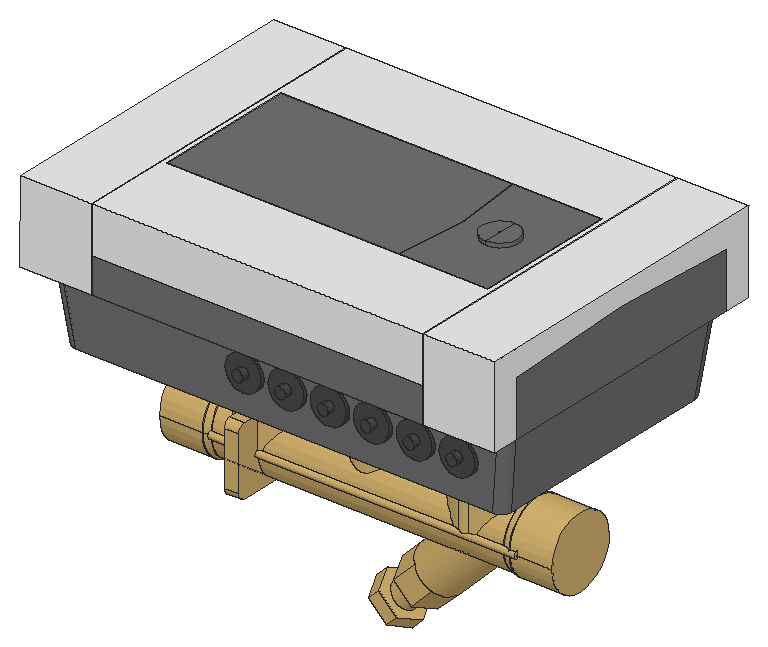
Revit family "SonoSelect10_DN15-DN32_Return_RFA", category Pipe Accessories, Revit 2019 (continued)
Definition of nested family "Schematic_Energy Meter"
  Dimensions and locks
    aligned and locked: plane 12 to curve 5
    aligned and locked: plane 14 to curve 22
    aligned and locked: plane 12 to curve 22
    aligned and locked: plane 8 to curve 13
  Automatic sketch dimensions
    curve 1 to plane 5 = 0 mm
    curve 6 to plane 14 = 0 mm
    curve 4 to plane 14 = 0 mm
    curve 2 to plane 3 "Center (Left/Right)" = 0 mm
    curve 3 to plane 3 "Center (Left/Right)" = 0 mm
    curve 8 to plane 15 = 0 mm
    curve 9 to plane 16 = 0 mm
    curve 10 to plane 13 = 0 mm
    curve 1 to plane 4 = 0 mm
    curve 21 to plane 24 = 0 mm
    curve 10 to plane 24 = 0 mm
    curve 7 to plane 24 = 0 mm
    curve 6 to plane 20 = 0 mm
    curve 9 to plane 20 = 0 mm
    curve 4 to plane 23 = 0 mm
    curve 9 to plane 23 = 0 mm
    curve 7 to plane 23 = 0 mm
    curve 11 to plane 5 = 0 mm
    plane 8 to curve 16 = 0 mm
    curve 16 to plane 14 = 0 mm
    plane 10 to curve 15 = 0 mm
    curve 15 to plane 14 = 0 mm
    curve 12 to plane 3 "Center (Left/Right)" = 0 mm
    curve 13 to plane 3 "Center (Left/Right)" = 0 mm
    plane 10 to curve 18 = 0 mm
    curve 18 to plane 15 = 0 mm
    plane 8 to curve 19 = 0 mm
    curve 19 to plane 16 = 0 mm
    plane 11 to curve 20 = 0 mm
    curve 20 to plane 13 = 0 mm
    curve 11 to plane 4 = 0 mm
    plane 11 to curve 22 = 0 mm
    plane 11 to curve 17 = 0 mm
    plane 10 to curve 19 = 0 mm
Types (8, lengths in mm): name | Z1__ve | Z11__ve | Z11 | Z1 | Z | X | W2D | TPH_ve | TPH | TP2 | TP1 | TP | TL2 | TD | Nut_Bottom_2 | Nut_Bottom | Min Flow | Max Flow | L | LC | T4 | L_TP | RN | R3_1 | R2_1 | R22 | R | Nominal Flow | Model Type | LL1 | LL | L2 | L1_2 | L1_1 | Kvs | HD5__ve | HD5 | HD4__ve | HD4 | HD3__ve | HD3 | HD2__ve | HD2 | HD1__ve | HD1 | H2 | F1 | F | E1__ve | E12 | E1 | H1 | D | Connection | CenSd_R22_6 | C | B__ve | BL | B1 | B | A
  SonoSelect 10_DN25_qp6.0m³/h_G1¼_260mm_Return | -13.175 | -18.175 | 18.175 | 13.175 | 69.862 | 69.862 | 25 | -28 | 28 | yes | no | -40.5 | 66.5 | 40 | -37.5 | -40.5 | "0.06 m³/h" | "12 m³/h" | 260 | 46 | 85 | 100 | 21 | 5.6 | 13 | 1 | 20 | "6.0 m³/h" | "SonoSelect 10_DN25_qp6.0m³/h_G1¼_260mm_Return" | 56 | 228 | 114 | 31 | 31 | 12.79 m³/h | -5.028 | 5.028 | -7.541 | 7.541 | -10.055 | 10.055 | -1 | 1 | 1 | -1 | 40.5 | 20.5 | 41 | -22 | 52.325 | 22 | 78.5 | 25 | "G1¼" | 0.866 | 260 | -16 | 114 | 4 | 16 | 32
  SonoSelect 10_DN25_qp3.5m³/h_G1¼_160mm_Return | -13.175 | -18.175 | 18.175 | 13.175 | 45 | 45 | 25 | -28 | 28 | yes | no | -40.5 | 50 | 30.4 | -37.5 | -40.5 | "0.035 m³/h" | "7 m³/h" | 160 | 0 | 85 | 50 | 16 | 5.6 | 13 | 1 | 15.2 | "3.5 m³/h" | "SonoSelect 10_DN25_qp3.5m³/h_G1¼_160mm_Return" | 24.5 | 120 | 64 | 31 | 31 | 9.71 m³/h | -5.028 | 5.028 | -7.541 | 7.541 | -10.055 | 10.055 | -1 | 1 | -1 | 1 | 40.5 | 20.5 | 41 | -23 | 52.325 | 23 | 79.6 | 25 | "G1¼" | 0.866 | 260 | -16 | 114 | 4 | 16 | 32
  SonoSelect 10_DN32_qp6.0m³/h_G1½_260mm_Return | -13.175 | -18.175 | 18.175 | 13.175 | 65.761 | 65.761 | 32 | -28 | 28 | yes | no | -40.5 | 66.5 | 42 | -37.5 | -40.5 | "0.06 m³/h" | "12 m³/h" | 260 | 46 | 90 | 100 | 23.6 | 5.6 | 11 | 7 | 21 | "6.0 m³/h" | "SonoSelect 10_DN32_qp6.0m³/h_G1½_260mm_Return" | 55 | 224 | 112 | 31 | 31 | 12.79 m³/h | -1 | 1 | -7.541 | 7.541 | -10.055 | 10.055 | -1 | 1 | -1 | 1 | 40.5 | 20.5 | 41 | -22 | 52.325 | 22 | 78.5 | 32 | "G1½" | 6.062 | 260 | -18 | 112 | 4 | 18 | 40
  SonoSelect 10_DN15_qp0.6m³/h_G¾_110mm_Return | -11.075 | -16.075 | 16.075 | 11.075 | 23.688 | 23.688 | 15 | -1 | 1 | no | yes | 1 | 66.5 | 19 | 0 | -1 | "0.006 m³/h" | "1.2 m³/h" | 110 | 0 | 65 | 25 | 10 | 1 | 13 | 7 | 9.5 | "0.6 m³/h" | "SonoSelect 10_DN15_qp0.6m³/h_G¾_110mm_Return" | 20.5 | 86 | 43 | 30 | 30 | 3.46 m³/h | -4.038 | 4.038 | -6.056 | 6.056 | -8.075 | 8.075 | -25 | 25 | -43 | 43 | 35.45 | 16 | 32 | -17 | 48.425 | 17 | 73.35 | 15 | "G¾" | 6.062 | 110 | -12 | 66.5 | 2 | 12 | 20
  SonoSelect 10_DN15_qp1.5m³/h_G¾_110 mm_Return | -11.075 | -16.075 | 16.075 | 11.075 | 23.688 | 23.688 | 15 | -1 | 1 | no | yes | 1 | 66.5 | 19 | 0 | -1 | "0.015 m³/h" | "3 m³/h" | 110 | 0 | 65 | 25 | 10 | 1 | 13 | 7 | 9.5 | "1.5 m³/h" | "SonoSelect 10_DN15_qp1.5m³/h_G¾_110 mm_Return" | 20.5 | 86 | 43 | 30 | 30 | 3.87 m³/h | -4.038 | 4.038 | -6.056 | 6.056 | -8.075 | 8.075 | -25 | 25 | -43 | 43 | 35.45 | 16 | 32 | -17 | 48.425 | 17 | 73.35 | 15 | "G¾" | 6.062 | 110 | -12 | 66.5 | 2 | 12 | 20
  SonoSelect 10_DN20_qp1.5m³/h_G1_130mm_Return | -12.125 | -17.125 | 17.125 | 12.125 | 27.666 | 27.666 | 20 | -1 | 1 | no | yes | 1 | 66.5 | 23.75 | 0 | -1 | "0.015 m³/h" | "3 m³/h" | 130 | 0 | 75 | 51 | 12.5 | 1 | 13 | 7 | 11.875 | "1.5 m³/h" | "SonoSelect 10_DN20_qp2.5m³/h_G1_130mm_Return" | 24.5 | 102 | 51 | 30 | 30 | 3.87 m³/h | -4.674 | 4.674 | -7.011 | 7.011 | -9.348 | 9.348 | -25.707 | 25.707 | -46.74 | 46.74 | 38 | 16 | 32 | -20 | 50.375 | 20 | 76.35 | 20 | "G1" | 6.062 | 130 | -14 | 66.5 | 2 | 14 | 25
  SonoSelect 10_DN25_qp3.5m³/h_G1¼_260mm_Return | -13.175 | -18.175 | 18.175 | 13.175 | 69.862 | 69.862 | 25 | -28 | 28 | yes | no | -40.5 | 66.5 | 40 | -37.5 | -40.5 | "0.035 m³/h" | "7 m³/h" | 260 | 46 | 85 | 100 | 21 | 5.6 | 13 | 1 | 20 | "3.5 m³/h" | "SonoSelect 10_DN25_qp3.5m³/h_G1¼_260mm_Return" | 56 | 228 | 114 | 31 | 31 | 9.71 m³/h | -5.028 | 5.028 | -7.541 | 7.541 | -10.055 | 10.055 | -1 | 1 | 1 | -1 | 40.5 | 20.5 | 41 | -22 | 52.325 | 22 | 78.5 | 25 | "G1¼" | 0.866 | 260 | -16 | 114 | 4 | 16 | 32
  SonoSelect 10_DN20_qp2.5m³/h_G1_130mm_Return | -12.125 | -17.125 | 17.125 | 12.125 | 27.666 | 27.666 | 20 | -1 | 1 | no | yes | 1 | 66.5 | 23.75 | 0 | -1 | "0.025 m³/h" | "5 m³/h" | 130 | 0 | 75 | 51 | 12.5 | 1 | 13 | 7 | 11.875 | "2.5 m³/h" | "SonoSelect 10_DN20_qp2.5m³/h_G1_130mm_Return" | 24.5 | 102 | 51 | 30 | 30 | 6.25 m³/h | -4.674 | 4.674 | -7.011 | 7.011 | -9.348 | 9.348 | -25.707 | 25.707 | -46.74 | 46.74 | 38 | 16 | 32 | -20 | 50.375 | 20 | 76.35 | 20 | "G1" | 6.062 | 130 | -14 | 66.5 | 2 | 14 | 25
